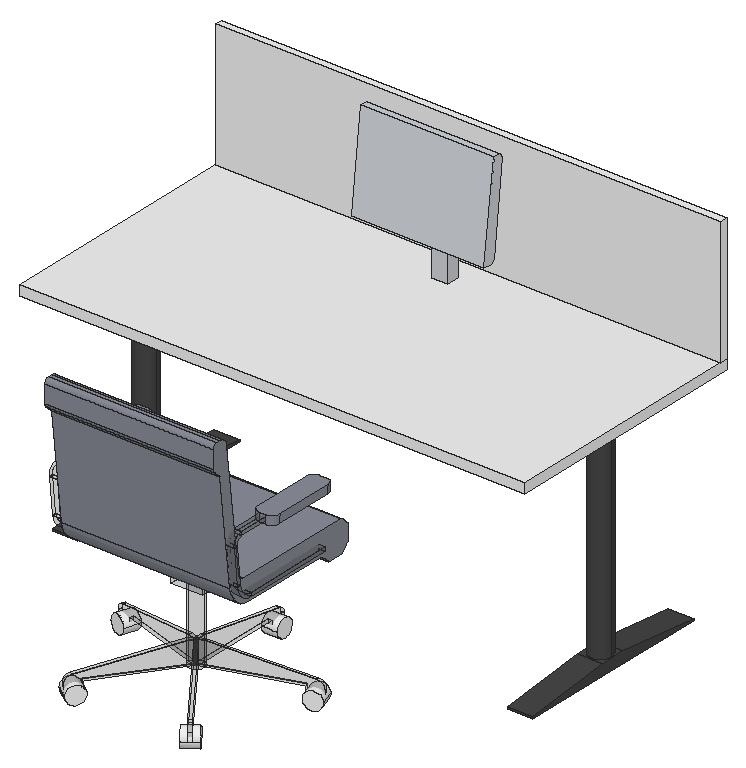
Revit family "Office Space 2", category Furniture, Revit 2015
Parameters (values of type "Office Space 2")
  Space = 1800 mm
  Screen [instance] = yes
  Material Table Base [instance] = Stainless Steel
  Material Seat/Back [instance] = Slate Blue
  Material Plate [instance] = White
  Material Caster [instance] = Chrome Polished
  Material Chair Base [instance] = Plastic Black
  Divider [instance] = yes
  Desk [instance] = Office Desk : 180x80cm
  Chair [instance] = Chair Task Arms : Chair Task Arms
Types (2, lengths in mm): name | Space | Desk
  Office Space | 1600 | Office Desk : 160x80cm
  Office Space 2 | 1800 | Office Desk : 180x80cm
Reference planes
  plane 1 "Center (Front/Back)": y = 0
  plane 2: z = 0
  plane 3 "Center (Left/Right)": x = 0
Lines and regions (mm)
  symbolic lines, style "FurnitureHiddenLines", detail levels coarse
    curve 1: line (-800, -2200, 0) -> (800, -2200, 0)
Dimensions and locks
  "Space": nested 1 to curve 1
  locked: nested 1 to nested 2 at 300
  aligned and locked: level to plane 2
Automatic sketch dimensions
  curve 1 to plane 3 "Center (Left/Right)" = 800 mm
  plane 3 "Center (Left/Right)" to curve 1 = 800 mm
Nested families
  nested 1: "Office Desk" at (190, 0, 0), Screen <- "Screen", Divider <- "Divider", Material Plate <- "Material Plate", Material Base <- "Material Table Base", type "160x80cm"
    with Screen yes, Material Plate White, Material Base Stainless Steel, Divider yes, Depth 800 mm, Width 1600 mm
  nested 2: "Chair Task Arms" at (-140.991, -681.054, 0), Material Base <- "Material Chair Base", Material Seat/Back <- "Material Seat/Back", Material Caster <- "Material Caster", type <- "Chair", type "Chair Task Arms"
    with Material Seat/Back Slate Blue, Material Caster Chrome Polished, Material Base Plastic Black
Definition of nested family "Office Desk"
  Parameters
    Screen [instance] = yes
    Material Plate [instance] = none
    Material Base [instance] = none
    Height = 720 mm
    Divider [instance] = no
    Depth = 900 mm
    Width = 1800 mm
    Assembly Code = ""
  Reference planes
    plane 1 "Center (Front/Back)": y = 0
    plane 2: z = 0
    plane 3 "Center (Left/Right)": x = -190
    plane 4 "Tableheight": z = 720
    plane 5 "Left": x = -1090
    plane 6: x = 710
    plane 7: y = 450
    plane 8: y = -450
    plane 9: x = -1010
    plane 10: x = 630
  Forms (mm)
    Extrusion 1, solid, material <- "Material Plate"
      sketch origin (48.853, -30.184, 720) x (-1, 0, 0) y (0, -1, 0)
        loop
          line (1138.853, 419.816) -> (-661.147, 419.816) -> (-661.147, -480.184) -> (1138.853, -480.184) -> (1138.853, 419.816)
      from 0 to -30
    Extrusion 2, solid, material <- "Material Base"
      sketch origin (-1000, 1.534, 0) x (0, 1, 0) y (0, 0, 1)
        loop
          line (40, 35) -> (-40, 35) -> (-321.534, 5.732) -> (-321.534, 0) -> (0, 0) -> (318.466, 0) -> (318.466, 5.732) -> (40, 35)
      from -50 to 30
    Extrusion 3, solid, material <- "Material Base"
      sketch origin (-300, 0, 0) x (1, 0, 0) y (0, 1, 0)
        loop
          circle (-710, 0) r 35
      from 35 to 690
    Extrusion 4, solid, material <- "Material Base"
      sketch origin (520, 0, 0) x (0, -1, 0) y (0, 0, 1)
        loop
          line (-40, 35) -> (-318.466, 5.732) -> (-318.466, 0) -> (0, 0) -> (318.466, 0) -> (318.466, 5.732) -> (40, 35) -> (-40, 35)
      from -150 to -70
    Extrusion 5, solid, material <- "Material Base"
      sketch origin (-180, 0, 0) x (-1, 0, 0) y (0, -1, 0)
        loop
          circle (-810, 0) r 35
      from 35 to 690
    Extrusion 6, solid, material <- "Material Plate", visible <- "Divider"
      sketch origin (48.853, -30.184, 720) x (-1, 0, 0) y (0, -1, 0)
        loop
          line (1138.853, -480.184) -> (1138.853, -455.184) -> (-661.147, -455.184) -> (-661.147, -480.184) -> (1138.853, -480.184)
      from 0 to 400
  Dimensions and locks
    "Width": plane 5 "Left" to plane 6
    equal spacing: plane 5 "Left", plane 3 "Center (Left/Right)", plane 6
    "Depth": plane 7 to plane 8
    equal spacing: Extrusion 2, plane 9, Extrusion 2, locked at 40 each
    locked: plane 5 "Left" to plane 9 at 80
    equal spacing: Extrusion 4, plane 10, Extrusion 4, locked at 40 each
    locked: plane 10 to plane 6 at 80
    equal spacing: Extrusion 2, plane 1 "Center (Front/Back)", Extrusion 2
    equal spacing: plane 7, plane 1 "Center (Front/Back)", plane 8
    locked: plane 7 to nested 1 at 180
    "Height": plane 4 "Tableheight" to level
    aligned: plane 5 "Left" to Extrusion 1
    aligned and locked: plane 6 to Extrusion 1
    aligned: Extrusion 1 to plane 5 "Left"
    aligned and locked: Extrusion 1 to plane 6
    aligned and locked: plane 7 to Extrusion 1
    aligned and locked: Extrusion 1 to plane 8
    aligned and locked: Extrusion 1 to plane 5 "Left"
    aligned and locked: plane 3 "Center (Left/Right)" to nested 1
    aligned and locked: Extrusion 5 to Extrusion 1
    aligned and locked: Extrusion 3 to Extrusion 1
    aligned and locked: Extrusion 1 to nested 1
    aligned and locked: Extrusion 6 sketch curve to plane 6
  Automatic sketch dimensions
    Extrusion 2 sketch curve to Extrusion 2 sketch curve = 281.534 mm
    Extrusion 2 sketch curve to Extrusion 2 sketch curve = 40 mm  (x2)
    Extrusion 2 sketch curve to Extrusion 2 sketch curve = 278.466 mm
    Extrusion 2 sketch curve to Extrusion 2 sketch curve = 5.732 mm  (x2)
    Extrusion 2 sketch curve to Extrusion 2 sketch curve = 35 mm
    Extrusion 4 sketch curve to Extrusion 4 sketch curve = 278.466 mm  (x2)
    Extrusion 4 sketch curve to Extrusion 4 sketch curve = 40 mm  (x2)
    Extrusion 4 sketch curve to Extrusion 4 sketch curve = 5.732 mm  (x2)
    Extrusion 4 sketch curve to Extrusion 4 sketch curve = 35 mm
    Extrusion 1 sketch curve to plane 6 = 0 mm
    plane 5 "Left" to Extrusion 1 sketch curve = 0 mm
    plane 7 to Extrusion 1 sketch curve = 0 mm
    Extrusion 1 sketch curve to plane 8 = 0 mm
    Extrusion 2 sketch curve to level = 0 mm
    Extrusion 2 sketch curve to plane 1 "Center (Front/Back)" = 1.534 mm
    plane 1 "Center (Front/Back)" to Extrusion 3 sketch curve = 0 mm
    Extrusion 3 sketch curve to plane 9 = 0 mm
    Extrusion 4 sketch curve to level = 0 mm
    Extrusion 4 sketch curve to plane 1 "Center (Front/Back)" = 0 mm
    plane 1 "Center (Front/Back)" to Extrusion 5 sketch curve = 0 mm
    Extrusion 5 sketch curve to plane 10 = 0 mm
    Extrusion 6 sketch curve to plane 5 "Left" = 0 mm
    Extrusion 6 sketch curve to plane 7 = 0 mm
    Extrusion 6 sketch curve to Extrusion 6 sketch curve = 25 mm
    radius of Extrusion 3 sketch curve = 35 mm
    radius of Extrusion 5 sketch curve = 35 mm
  Nested families
    nested 1: "Computerscreen" at (-190, 270, 0), visible <- "Screen", type "Computerscreen"
      with table height 720 mm
  Definition of nested family "Computerscreen"
    Parameters
      table height [instance] = 720 mm
      material = none
    Reference planes
      plane 1 "Center (Front/Back)": y = 0
      plane 2: z = 0
      plane 3 "Center (Left/Right)": x = 0
      plane 4 "Table height": z = 720
    Forms (mm)
      Extrusion 1, solid
        sketch origin (-25, 0, 0) x (0, 1, 0) y (0, 0, 1)
          loop
            line (0, 1027.5) -> (0, 975.179) -> (12.755, 975.179)
            arc (12.755, 975.179) -> (17.084, 974.704) -> (21.208, 973.305) r 20
            line (21.208, 973.305) -> (32.831, 967.885)
            arc (32.831, 967.885) -> (41.246, 960.505) -> (44.378, 949.759) r 20
            line (44.378, 949.759) -> (44.378, 720) -> (84.378, 720) -> (84.378, 989.401)
            arc (84.378, 989.401) -> (81.246, 1000.147) -> (72.831, 1007.528) r 20
            line (72.831, 1007.528) -> (34.018, 1025.626)
            arc (34.018, 1025.626) -> (29.895, 1027.026) -> (25.566, 1027.5) r 20
            line (25.566, 1027.5) -> (0, 1027.5)
        from 0 to 50
      Extrusion 2, solid
        sketch origin (-210, -128.635, -30.513) x (0, 0.992546, -0.121869) y (0, 0.121869, 0.992546)
          loop
            line (-25, 1205.68) -> (-25, 904.467) -> (0, 904.467) -> (10.607, 915.074) -> (10.607, 1195.074) -> (0, 1205.68) -> (-25, 1205.68)
        from 0 to 420
    Dimensions and locks
      "table height": plane 4 "Table height" to level
      aligned: plane 4 "Table height" to Extrusion 1 sketch curve
    Automatic sketch dimensions
      plane 1 "Center (Front/Back)" to Extrusion 2 sketch curve = 43.222 mm
      plane 4 "Table height" to Extrusion 2 sketch curve = 150.259 mm
      Extrusion 2 sketch curve to Extrusion 2 sketch curve = 25 mm  (x2)
      Extrusion 2 sketch curve to Extrusion 2 sketch curve = 10.607 mm  (x3)
      Extrusion 2 sketch curve to Extrusion 2 sketch curve = 280 mm
      Extrusion 1 sketch curve to plane 1 "Center (Front/Back)" = 0 mm
      Extrusion 1 sketch curve to plane 4 "Table height" = 0 mm
      Extrusion 1 sketch curve to Extrusion 1 sketch curve = 12.755 mm
      Extrusion 1 sketch curve to Extrusion 1 sketch curve = 8.452 mm  (x3)
      Extrusion 1 sketch curve to Extrusion 1 sketch curve = 11.623 mm  (x2)
      Extrusion 1 sketch curve to Extrusion 1 sketch curve = 25.566 mm
      Extrusion 1 sketch curve to plane 1 "Center (Front/Back)" = 44.378 mm
      Extrusion 1 sketch curve to Extrusion 1 sketch curve = 31.548 mm
      Extrusion 1 sketch curve to Extrusion 1 sketch curve = 40 mm
      plane 4 "Table height" to Extrusion 1 sketch curve = 229.759 mm
      Extrusion 1 sketch curve to Extrusion 1 sketch curve = 5.42 mm  (x2)
      Extrusion 1 sketch curve to Extrusion 1 sketch curve = 21.517 mm
      Extrusion 1 sketch curve to Extrusion 1 sketch curve = 34.195 mm
      Extrusion 1 sketch curve to Extrusion 1 sketch curve = 18.126 mm
Definition of nested family "Chair Task Arms"
  Parameters
    Assembly Code = ""
    Material Base [instance] = none
    Material Caster [instance] = none
    Material Seat/Back [instance] = none
  Reference planes
    plane 1 "Center (Front/Back)": y = 18.946
    plane 2: z = 0
    plane 3 "Center (Left/Right)": x = 140.991
    plane 4: x = 458.491
    plane 5: x = -176.509
    plane 6: y = -323.954
    plane 7: y = 361.846
    plane 8: z = 889
    plane 9 "Seat": z = 457.2
    plane 10: y = 285.646
    plane 11: z = 863.6
    plane 12: y = -247.754
    plane 13: y = -222.354
    plane 14: z = 431.8
    plane 15: y = 260.246
    plane 16: z = 787.4
    plane 17: z = 355.6
    plane 18: x = 191.791
    plane 19: x = 90.191
    plane 20: x = 420.391
    plane 21: x = -138.409
    plane 22: z = 609.6
    plane 23: z = 609.6
  Forms (mm)
    Extrusion 1, solid, material <- "Material Seat/Back"
      sketch origin (458.491, 37.892, 0) x (0, 1, 0) y (0, 0, 1)
        loop
          arc (-255.01, 457.2) -> (-259.851, 456.241) -> (-263.96, 453.51) r 12.7
          line (-263.96, 453.51) -> (-281.896, 435.694)
          arc (-281.896, 435.694) -> (-284.671, 431.563) -> (-285.646, 426.684) r 12.7
          line (-285.646, 426.684) -> (-285.646, 391.641)
          arc (-285.646, 391.641) -> (-283.729, 381.96) -> (-278.266, 373.74) r 25.4
          line (-278.266, 373.74) -> (-260.247, 355.6) -> (-209.447, 355.6) -> (-181.074, 383.784) -> (107.109, 383.784)
          arc (107.109, 383.784) -> (157.745, 403.041) -> (182.787, 451.08) r 76.2
          line (182.787, 451.08) -> (222.354, 787.4) -> (244.034, 809.08)
          arc (244.034, 809.08) -> (246.787, 813.2) -> (247.754, 818.061) r 12.7
          line (247.754, 818.061) -> (247.754, 876.3)
          arc (247.754, 876.3) -> (244.034, 885.28) -> (235.054, 889) r 12.7
          line (235.054, 889) -> (222.179, 889)
          arc (222.179, 889) -> (205.3, 882.581) -> (196.953, 866.568) r 25.4
          line (196.953, 866.568) -> (151.431, 479.632)
          arc (151.431, 479.632) -> (143.084, 463.619) -> (126.205, 457.2) r 25.4
          line (126.205, 457.2) -> (-255.01, 457.2)
      from -50.8 to -584.2
    Extrusion 2, solid, material <- "Material Base"
      sketch origin (90.191, 37.892, 0) x (0, 1, 0) y (0, 0, 1)
        loop
          line (19.154, 383.784) -> (-69.746, 383.784) -> (-69.746, 371.084) -> (-18.946, 283.095) -> (19.154, 283.095) -> (19.154, 383.784)
      from 0 to 101.6
    Extrusion 3, solid, material <- "Material Base"
      sketch origin (140.991, 37.892, 0) x (0, -1, 0) y (0, 0, 1)
        loop
          line (18.946, 53.584) -> (311.046, 53.584) -> (311.046, 28.184) -> (361.846, 28.184) -> (361.846, 52.487)
          arc (361.846, 52.487) -> (355.903, 68.813) -> (340.857, 77.501) r 25.4
          line (340.857, 77.501) -> (44.346, 129.784) -> (18.946, 129.784) -> (18.946, 53.584)
      from 6.35 to -6.35
    Extrusion 4, solid, material <- "Material Caster"
      sketch origin (140.991, 37.892, 0) x (0, -1, 0) y (0, 0, 1)
        loop
          circle (336.446, 28.184) r 28.2
      from 25.4 to -25.4
    Extrusion 5, solid, material <- "Material Base"
      sketch origin (122.972, 24.801, 0) x (0.951057, -0.309017, 0) y (0, 0, 1)
        loop
          line (18.946, 53.584) -> (311.046, 53.584) -> (311.046, 28.184) -> (361.846, 28.184) -> (361.846, 52.487)
          arc (361.846, 52.487) -> (355.903, 68.813) -> (340.857, 77.501) r 25.4
          line (340.857, 77.501) -> (44.346, 129.784) -> (18.946, 129.784) -> (18.946, 53.584)
      from 6.35 to -6.35
    Extrusion 6, solid, material <- "Material Caster"
      sketch origin (122.972, 24.801, 0) x (0.951057, -0.309017, 0) y (0, 0, 1)
        loop
          circle (336.446, 28.184) r 28.2
      from 25.4 to -25.4
    Extrusion 7, solid, material <- "Material Base"
      sketch origin (129.855, 3.618, 0) x (0.587785, 0.809017, 0) y (0, 0, 1)
        loop
          line (18.946, 53.584) -> (311.046, 53.584) -> (311.046, 28.184) -> (361.846, 28.184) -> (361.846, 52.487)
          arc (361.846, 52.487) -> (355.903, 68.813) -> (340.857, 77.501) r 25.4
          line (340.857, 77.501) -> (44.346, 129.784) -> (18.946, 129.784) -> (18.946, 53.584)
      from 6.35 to -6.35
    Extrusion 8, solid, material <- "Material Caster"
      sketch origin (129.855, 3.618, 0) x (0.587785, 0.809017, 0) y (0, 0, 1)
        loop
          circle (336.446, 28.184) r 28.2
      from 25.4 to -25.4
    Extrusion 9, solid, material <- "Material Base"
      sketch origin (152.127, 3.618, 0) x (-0.587785, 0.809017, 0) y (0, 0, 1)
        loop
          line (18.946, 53.584) -> (311.046, 53.584) -> (311.046, 28.184) -> (361.846, 28.184) -> (361.846, 52.487)
          arc (361.846, 52.487) -> (355.903, 68.813) -> (340.857, 77.501) r 25.4
          line (340.857, 77.501) -> (44.346, 129.784) -> (18.946, 129.784) -> (18.946, 53.584)
      from 6.35 to -6.35
    Extrusion 10, solid, material <- "Material Caster"
      sketch origin (152.127, 3.618, 0) x (-0.587785, 0.809017, 0) y (0, 0, 1)
        loop
          circle (336.446, 28.184) r 28.2
      from 25.4 to -25.4
    Extrusion 11, solid, material <- "Material Base"
      sketch origin (159.009, 24.801, 0) x (-0.951057, -0.309017, 0) y (0, 0, 1)
        loop
          line (18.946, 53.584) -> (311.046, 53.584) -> (311.046, 28.184) -> (361.846, 28.184) -> (361.846, 52.487)
          arc (361.846, 52.487) -> (355.903, 68.813) -> (340.857, 77.501) r 25.4
          line (340.857, 77.501) -> (44.346, 129.784) -> (18.946, 129.784) -> (18.946, 53.584)
      from 6.35 to -6.35
    Extrusion 12, solid, material <- "Material Caster"
      sketch origin (159.009, 24.801, 0) x (-0.951057, -0.309017, 0) y (0, 0, 1)
        loop
          circle (336.446, 28.184) r 28.2
      from 25.4 to -25.4
    Extrusion 13, solid, material <- "Material Base"
      sketch origin (281.982, 37.892, 0) x (-1, 0, 0) y (0, -1, 0)
        loop
          circle (140.991, 18.946) r 25.4
      from 53.584 to 384.175
    Sweep 14, solid, material <- "Material Base"
      path origin (-138.409, 37.892, 0) x (0, 1, 0) y (0, 0, 1)
        loop
          line (-167.032, 419.1) -> (128.329, 419.1)
          arc (128.329, 419.1) -> (162.087, 431.938) -> (178.781, 463.964) r 50.8
          line (178.781, 463.964) -> (192.578, 581.232)
          arc (192.578, 581.232) -> (186.332, 601.079) -> (167.352, 609.6) r 25.4
          line (167.352, 609.6) -> (-18.946, 609.6)
      profile origin (420.391, 18.54, 0) x (0, 0, 1) y (1, 0, 0)
        loop
          line (425.45, -546.1) -> (412.75, -546.1) -> (412.75, -571.5) -> (425.45, -571.5) -> (425.45, -546.1)
    Sweep 15, solid, material <- "Material Base"
      path origin (420.391, 37.892, 0) x (0, 1, 0) y (0, 0, 1)
        loop
          line (-167.032, 419.1) -> (126.239, 419.1)
          arc (126.239, 419.1) -> (159.996, 431.938) -> (176.691, 463.964) r 50.8
          line (176.691, 463.964) -> (190.487, 581.232)
          arc (190.487, 581.232) -> (184.242, 601.079) -> (165.261, 609.6) r 25.4
          line (165.261, 609.6) -> (-18.946, 609.6)
      profile origin (-138.409, 17.495, 0) x (0, 0, 1) y (1, 0, 0)
        loop
          line (412.75, 546.1) -> (425.45, 546.1) -> (425.45, 571.5) -> (412.75, 571.5) -> (412.75, 546.1)
    Extrusion 16, solid, material <- "Material Seat/Back"
      sketch origin (-125.709, -129.14, 425.45) x (0, 1, 0) y (-1, 0, 0)
        loop
          line (241.235, 6.35) -> (241.235, 25.4)
          arc (241.235, 25.4) -> (233.795, 43.361) -> (215.835, 50.8) r 25.4
          line (215.835, 50.8) -> (25.4, 50.8)
          arc (25.4, 50.8) -> (7.439, 43.361) -> (0, 25.4) r 25.4
          line (0, 25.4) -> (0, 6.35)
          arc (0, 6.35) -> (7.439, -11.611) -> (25.4, -19.05) r 25.4
          line (25.4, -19.05) -> (215.835, -19.05)
          arc (215.835, -19.05) -> (233.795, -11.611) -> (241.235, 6.35) r 25.4
        loop
          line (240.19, -558.8) -> (240.19, -539.75)
          arc (240.19, -539.75) -> (232.75, -521.789) -> (214.79, -514.35) r 25.4
          line (214.79, -514.35) -> (25.4, -514.35)
          arc (25.4, -514.35) -> (7.439, -521.789) -> (0, -539.75) r 25.4
          line (0, -539.75) -> (0, -558.8)
          arc (0, -558.8) -> (7.439, -576.761) -> (25.4, -584.2) r 25.4
          line (25.4, -584.2) -> (214.79, -584.2)
          arc (214.79, -584.2) -> (232.75, -576.761) -> (240.19, -558.8) r 25.4
      from 171.45 to 196.85
  Lines and regions (mm)
    Masking region 1
      outline origin (281.982, 37.892, 457.2) x (0, 1, 0) y (-1, 0, 0)
        loop
          arc (126.205, -74.909) -> (141.084, -110.83) -> (177.005, -125.709) r 50.8
          line (177.005, -125.709) -> (222.354, -125.709)
          arc (222.354, -125.709) -> (240.315, -118.27) -> (247.754, -100.309) r 25.4
          line (247.754, -100.309) -> (247.754, 382.291)
          arc (247.754, 382.291) -> (240.315, 400.251) -> (222.354, 407.691) r 25.4
          line (222.354, 407.691) -> (177.005, 407.691)
          arc (177.005, 407.691) -> (141.084, 392.812) -> (126.205, 356.891) r 50.8
          line (126.205, 356.891) -> (126.205, -74.909)
    Masking region 2
      outline origin (281.982, 37.892, 457.2) x (0, 1, 0) y (-1, 0, 0)
        loop
          line (-281.896, -132.059) -> (-168.214, -132.059)
          arc (-168.214, -132.059) -> (-158.755, -109.222) -> (-135.918, -99.763) r 32.296
          line (-135.918, -99.763) -> (43.787, -99.763)
          arc (43.787, -99.763) -> (66.624, -109.222) -> (76.084, -132.059) r 32.296
          line (76.084, -132.059) -> (218.634, -132.059)
          arc (218.634, -132.059) -> (232.832, -127.721) -> (242.18, -116.187) r 25.4
          arc (242.18, -116.187) -> (233.351, -123.205) -> (222.354, -125.709) r 25.4
          line (222.354, -125.709) -> (177.005, -125.709)
          arc (177.005, -125.709) -> (141.084, -110.83) -> (126.205, -74.909) r 50.8
          line (126.205, -74.909) -> (126.205, 356.891)
          arc (126.205, 356.891) -> (141.084, 392.812) -> (177.005, 407.691) r 50.8
          line (177.005, 407.691) -> (222.354, 407.691)
          arc (222.354, 407.691) -> (233.351, 405.187) -> (242.18, 398.169) r 25.4
          arc (242.18, 398.169) -> (232.832, 409.702) -> (218.634, 414.041) r 25.4
          line (218.634, 414.041) -> (77.12, 414.041)
          arc (77.12, 414.041) -> (67.664, 391.213) -> (44.836, 381.757) r 32.284
          line (44.836, 381.757) -> (-135.924, 381.757)
          arc (-135.924, 381.757) -> (-158.752, 391.213) -> (-168.208, 414.041) r 32.284
          line (-168.208, 414.041) -> (-281.896, 414.041) -> (-281.896, -132.059)
    Masking region 3
      outline origin (281.982, 37.892, 457.2) x (0, 1, 0) y (-1, 0, 0)
        loop
          arc (-168.214, -151.084) -> (-160.549, -169.591) -> (-142.042, -177.256) r 26.172
          line (-142.042, -177.256) -> (49.214, -177.256)
          arc (49.214, -177.256) -> (68.214, -169.386) -> (76.084, -150.387) r 26.869
          line (76.084, -150.387) -> (76.084, -132.059)
          arc (76.084, -132.059) -> (66.624, -109.222) -> (43.787, -99.763) r 32.296
          line (43.787, -99.763) -> (-135.918, -99.763)
          arc (-135.918, -99.763) -> (-158.755, -109.222) -> (-168.214, -132.059) r 32.296
          line (-168.214, -132.059) -> (-168.214, -151.084)
        loop
          line (-168.208, 433.067) -> (-168.208, 414.041)
          arc (-168.208, 414.041) -> (-158.752, 391.213) -> (-135.924, 381.757) r 32.284
          line (-135.924, 381.757) -> (44.836, 381.757)
          arc (44.836, 381.757) -> (67.664, 391.213) -> (77.12, 414.041) r 32.284
          line (77.12, 414.041) -> (77.12, 432.371)
          arc (77.12, 432.371) -> (69.251, 451.367) -> (50.255, 459.235) r 26.864
          line (50.255, 459.235) -> (-142.04, 459.235)
          arc (-142.04, 459.235) -> (-160.544, 451.571) -> (-168.208, 433.067) r 26.168
    symbolic lines, not visible
      curve 1: line (382.291, 285.646, 0) -> (-100.309, 285.646, 0)
      curve 2: line (407.691, 260.246, 0) -> (407.691, 214.897, 0)
      curve 3: line (356.891, 164.097, 0) -> (-74.909, 164.097, 0)
      curve 4: line (-125.709, 260.246, 0) -> (-125.709, 214.897, 0)
      curve 5: arc (356.891, 164.097, 0) -> (392.812, 178.976, 0) -> (407.691, 214.897, 0) r 50.8
      curve 6: arc (-74.909, 164.097, 0) -> (-110.83, 178.976, 0) -> (-125.709, 214.897, 0) r 50.8
      curve 7: arc (407.691, 260.246, 0) -> (400.251, 278.206, 0) -> (382.291, 285.646, 0) r 25.4
      curve 8: arc (-125.709, 260.246, 0) -> (-118.27, 278.206, 0) -> (-100.309, 285.646, 0) r 25.4
      curve 9: line (414.041, -244.004, 0) -> (-132.059, -244.004, 0)
      curve 10: line (414.041, 113.975, 0) -> (414.041, 256.526, 0)
      curve 11: line (388.641, 281.926, 0) -> (-106.659, 281.926, 0)
      curve 12: line (-132.059, 115.012, 0) -> (-132.059, 256.526, 0)
      curve 13: arc (414.041, 256.526, 0) -> (406.601, 274.487, 0) -> (388.641, 281.926, 0) r 25.4
      curve 14: arc (-132.059, 256.526, 0) -> (-124.62, 274.487, 0) -> (-106.659, 281.926, 0) r 25.4
      curve 15: line (381.744, 81.679, 0) -> (381.744, -98.026, 0)
      curve 16: line (459.238, -104.151, 0) -> (459.238, 87.106, 0)
      curve 17: line (414.041, -130.322, 0) -> (433.066, -130.322, 0)
      curve 18: arc (433.066, -130.322, 0) -> (451.572, -122.657, 0) -> (459.238, -104.151, 0) r 26.172
      curve 19: arc (381.744, -98.026, 0) -> (391.204, -120.863, 0) -> (414.041, -130.322, 0) r 32.296
      curve 20: arc (459.238, 87.106, 0) -> (451.368, 106.106, 0) -> (432.369, 113.975, 0) r 26.869
      curve 21: arc (414.041, 113.975, 0) -> (391.204, 104.516, 0) -> (381.744, 81.679, 0) r 32.296
      curve 22: line (432.369, 113.975, 0) -> (414.041, 113.975, 0)
      curve 23: line (-99.776, -98.033, 0) -> (-99.776, 82.728, 0)
      curve 24: arc (-132.059, -130.316, 0) -> (-109.231, -120.861, 0) -> (-99.776, -98.033, 0) r 32.284
      curve 25: line (-151.085, -130.316, 0) -> (-132.059, -130.316, 0)
      curve 26: arc (-151.085, -130.316, 0) -> (-169.589, -122.652, 0) -> (-177.253, -104.148, 0) r 26.168
      curve 27: line (-177.253, 88.147, 0) -> (-177.253, -104.148, 0)
      curve 28: arc (-150.389, 115.012, 0) -> (-169.385, 107.143, 0) -> (-177.253, 88.147, 0) r 26.864
      curve 29: line (-132.059, 115.012, 0) -> (-150.389, 115.012, 0)
      curve 30: arc (-132.059, 115.012, 0) -> (-109.231, 105.556, 0) -> (-99.776, 82.728, 0) r 32.284
      curve 31: line (414.041, -244.004, 0) -> (414.041, -130.322, 0)
      curve 32: line (-132.059, -244.004, 0) -> (-132.059, -130.316, 0)
  Dimensions and locks
    equal spacing: plane 5, plane 3 "Center (Left/Right)", plane 4
    plane 5 to plane 4 = 635 mm
    equal spacing: plane 6, plane 1 "Center (Front/Back)", plane 7
    plane 6 to plane 7 = 685.8 mm
    aligned and locked: Masking region 1 sketch curve to curve 6
    aligned and locked: Masking region 1 sketch curve to curve 8
    aligned and locked: Masking region 1 sketch curve to curve 7
    aligned and locked: Masking region 1 sketch curve to curve 5
    aligned and locked: Masking region 2 sketch curve to curve 31
    aligned and locked: Masking region 2 sketch curve to curve 10
    aligned and locked: Masking region 2 sketch curve to curve 13
    aligned and locked: Masking region 2 sketch curve to curve 14
    aligned and locked: Masking region 2 sketch curve to curve 32
    aligned and locked: Masking region 2 sketch curve to curve 9
    aligned and locked: Masking region 2 sketch curve to curve 7
    aligned and locked: Masking region 2 sketch curve to curve 5
    aligned and locked: Masking region 2 sketch curve to curve 6
    aligned and locked: Masking region 2 sketch curve to curve 8
    aligned and locked: Masking region 2 sketch curve to curve 21
    aligned and locked: Masking region 2 sketch curve to curve 19
    aligned and locked: Masking region 2 sketch curve to curve 24
    aligned and locked: Masking region 2 sketch curve to curve 30
    aligned and locked: Masking region 3 sketch curve to curve 18
    aligned and locked: Masking region 3 sketch curve to curve 20
    aligned and locked: Masking region 3 sketch curve to curve 21
    aligned and locked: Masking region 3 sketch curve to curve 19
    aligned and locked: Masking region 3 sketch curve to curve 26
    aligned and locked: Masking region 3 sketch curve to curve 28
    aligned and locked: Masking region 3 sketch curve to curve 30
    aligned and locked: Masking region 3 sketch curve to curve 24
  Automatic sketch dimensions
    plane 5 to curve 27 = 0.744 mm
    plane 21 to curve 25 = 12.676 mm
    plane 21 to curve 28 = 11.98 mm
    curve 25 to plane 21 = 6.35 mm
    curve 12 to plane 21 = 6.35 mm
    curve 4 to plane 21 = 12.7 mm
    curve 8 to curve 11 = 19.05 mm
    curve 14 to curve 8 = 6.35 mm
    curve 30 to curve 23 = 32.284 mm
    curve 4 to curve 6 = 50.8 mm
    plane 20 to curve 3 = 63.5 mm
    plane 20 to curve 15 = 38.646 mm
    plane 20 to curve 7 = 38.1 mm
    curve 1 to curve 11 = 6.35 mm
    plane 20 to curve 2 = 12.7 mm
    plane 20 to curve 19 = 6.35 mm
    plane 20 to curve 10 = 6.35 mm
    curve 22 to plane 20 = 11.978 mm
    curve 18 to plane 20 = 12.675 mm
    curve 16 to plane 4 = 0.747 mm
    curve 32 to plane 6 = 79.95 mm
    curve 9 to curve 31 = 113.682 mm
    curve 9 to curve 32 = 113.688 mm
    curve 15 to plane 1 "Center (Front/Back)" = 62.733 mm
    curve 30 to plane 1 "Center (Front/Back)" = 63.782 mm
    curve 21 to curve 3 = 50.121 mm
    curve 4 to curve 14 = 41.629 mm
    curve 14 to curve 8 = 3.72 mm
    Extrusion 1 sketch curve to plane 12 = 0 mm
    plane 17 to Extrusion 1 sketch curve = 0 mm
    Extrusion 1 sketch curve to plane 13 = 0 mm
    plane 9 "Seat" to Extrusion 1 sketch curve = 0 mm
    plane 8 to Extrusion 1 sketch curve = 0 mm
    Extrusion 1 sketch curve to plane 11 = 0 mm
    Extrusion 1 sketch curve to plane 15 = 0 mm
    Extrusion 1 sketch curve to plane 10 = 0 mm
    Extrusion 1 sketch curve to plane 16 = 0 mm
    Extrusion 1 sketch curve to plane 12 = 3.75 mm
    Extrusion 1 sketch curve to plane 12 = 7.38 mm
    plane 14 to Extrusion 1 sketch curve = 5.116 mm
    Extrusion 1 sketch curve to plane 12 = 12.7 mm
    plane 13 to Extrusion 1 sketch curve = 3.715 mm
    plane 13 to Extrusion 1 sketch curve = 0.001 mm
    Extrusion 1 sketch curve to plane 13 = 5.236 mm
    Extrusion 1 sketch curve to plane 13 = 50.799 mm
    Extrusion 1 sketch curve to plane 17 = 28.184 mm
    Extrusion 1 sketch curve to Extrusion 1 sketch curve = 28.373 mm
    Extrusion 1 sketch curve to plane 9 "Seat" = 2.784 mm
    plane 15 to Extrusion 1 sketch curve = 115.245 mm
    Extrusion 1 sketch curve to Extrusion 1 sketch curve = 19.096 mm
    Extrusion 1 sketch curve to plane 9 "Seat" = 22.432 mm
    Extrusion 1 sketch curve to Extrusion 1 sketch curve = 25.226 mm
    plane 9 "Seat" to Extrusion 1 sketch curve = 6.12 mm
    plane 11 to Extrusion 1 sketch curve = 2.968 mm
    plane 15 to Extrusion 1 sketch curve = 25.401 mm
    Extrusion 1 sketch curve to Extrusion 1 sketch curve = 12.7 mm
    plane 10 to Extrusion 1 sketch curve = 12.7 mm
    plane 10 to Extrusion 1 sketch curve = 3.72 mm
    Extrusion 1 sketch curve to plane 17 = 18.14 mm
    plane 9 "Seat" to Extrusion 1 sketch curve = 12.7 mm
    plane 16 to Extrusion 1 sketch curve = 21.68 mm
    Extrusion 2 sketch curve to plane 1 "Center (Front/Back)" = 0 mm
    plane 1 "Center (Front/Back)" to Extrusion 2 sketch curve = 50.8 mm
    Extrusion 2 sketch curve to plane 1 "Center (Front/Back)" = 38.1 mm
    plane 9 "Seat" to Extrusion 2 sketch curve = 174.105 mm
    plane 9 "Seat" to Extrusion 2 sketch curve = 86.116 mm
    Extrusion 2 sketch curve to Extrusion 2 sketch curve = 12.7 mm
    Extrusion 3 sketch curve to plane 1 "Center (Front/Back)" = 0 mm
    Extrusion 3 sketch curve to plane 6 = 0 mm
    Extrusion 3 sketch curve to Extrusion 3 sketch curve = 25.4 mm  (x2)
    Extrusion 3 sketch curve to Extrusion 3 sketch curve = 50.8 mm
    Extrusion 3 sketch curve to plane 6 = 20.989 mm
    level to Extrusion 3 sketch curve = 28.184 mm
    Extrusion 3 sketch curve to Extrusion 3 sketch curve = 24.303 mm
    level to Extrusion 3 sketch curve = 53.584 mm
    Extrusion 3 sketch curve to Extrusion 3 sketch curve = 76.2 mm
    Extrusion 4 sketch curve to Extrusion 4 sketch curve = 0 mm  (x2)
    Extrusion 4 sketch curve to plane 6 = 25.4 mm
    level to Extrusion 4 sketch curve = 28.184 mm
    Extrusion 4 sketch curve to Extrusion 4 sketch curve = 28.2 mm
    level to Extrusion 5 sketch curve = 53.584 mm
    Extrusion 5 sketch curve to Extrusion 5 sketch curve = 25.4 mm  (x3)
    level to Extrusion 5 sketch curve = 28.184 mm
    Extrusion 5 sketch curve to Extrusion 5 sketch curve = 266.7 mm
    level to Extrusion 5 sketch curve = 77.501 mm
    Extrusion 5 sketch curve to Extrusion 5 sketch curve = 4.411 mm
    Extrusion 5 sketch curve to Extrusion 5 sketch curve = 76.2 mm
    Extrusion 6 sketch curve to Extrusion 6 sketch curve = 0 mm  (x2)
    level to Extrusion 6 sketch curve = 28.184 mm
    Extrusion 6 sketch curve to Extrusion 6 sketch curve = 28.2 mm
    level to Extrusion 7 sketch curve = 53.584 mm
    Extrusion 7 sketch curve to Extrusion 7 sketch curve = 25.4 mm  (x3)
    level to Extrusion 7 sketch curve = 28.184 mm
    Extrusion 7 sketch curve to Extrusion 7 sketch curve = 266.7 mm
    level to Extrusion 7 sketch curve = 77.501 mm
    Extrusion 7 sketch curve to Extrusion 7 sketch curve = 4.411 mm
    Extrusion 7 sketch curve to Extrusion 7 sketch curve = 76.2 mm
    Extrusion 8 sketch curve to Extrusion 8 sketch curve = 0 mm  (x2)
    level to Extrusion 8 sketch curve = 28.184 mm
    Extrusion 8 sketch curve to Extrusion 8 sketch curve = 28.2 mm
    level to Extrusion 9 sketch curve = 53.584 mm
    Extrusion 9 sketch curve to Extrusion 9 sketch curve = 25.4 mm  (x3)
    level to Extrusion 9 sketch curve = 28.184 mm
    Extrusion 9 sketch curve to Extrusion 9 sketch curve = 266.7 mm
    level to Extrusion 9 sketch curve = 77.501 mm
    Extrusion 9 sketch curve to Extrusion 9 sketch curve = 4.411 mm
    Extrusion 9 sketch curve to Extrusion 9 sketch curve = 76.2 mm
    Extrusion 10 sketch curve to Extrusion 10 sketch curve = 0 mm  (x2)
    level to Extrusion 10 sketch curve = 28.184 mm
    Extrusion 10 sketch curve to Extrusion 10 sketch curve = 28.2 mm
    level to Extrusion 11 sketch curve = 53.584 mm
    Extrusion 11 sketch curve to Extrusion 11 sketch curve = 25.4 mm  (x3)
    level to Extrusion 11 sketch curve = 28.184 mm
    Extrusion 11 sketch curve to Extrusion 11 sketch curve = 266.7 mm
    level to Extrusion 11 sketch curve = 77.501 mm
    Extrusion 11 sketch curve to Extrusion 11 sketch curve = 4.411 mm
    Extrusion 11 sketch curve to Extrusion 11 sketch curve = 76.2 mm
    Extrusion 12 sketch curve to Extrusion 12 sketch curve = 0 mm  (x2)
    level to Extrusion 12 sketch curve = 28.184 mm
    Extrusion 12 sketch curve to Extrusion 12 sketch curve = 28.2 mm
    Extrusion 13 sketch curve to Extrusion 13 sketch curve = 0 mm  (x2)
    plane 1 "Center (Front/Back)" to Extrusion 13 sketch curve = 0 mm
    Extrusion 13 sketch curve to plane 3 "Center (Left/Right)" = 0 mm
    Extrusion 13 sketch curve to Extrusion 13 sketch curve = 25.4 mm
    Sweep 14 sketch curve to plane 1 "Center (Front/Back)" = 0 mm
    plane 22 to Sweep 14 sketch curve = 0 mm
    Sweep 14 sketch curve to plane 9 "Seat" = 12.7 mm
    Sweep 14 sketch curve to plane 1 "Center (Front/Back)" = 147.275 mm
    Sweep 14 sketch curve to Sweep 14 sketch curve = 39.022 mm
    Sweep 14 sketch curve to plane 9 "Seat" = 6.764 mm
    Sweep 14 sketch curve to Sweep 14 sketch curve = 50.452 mm
    plane 22 to Sweep 14 sketch curve = 28.368 mm
    Sweep 14 sketch curve to Sweep 14 sketch curve = 25.226 mm
    plane 1 "Center (Front/Back)" to Sweep 14 sketch curve = 148.086 mm
    Sweep 15 sketch curve to plane 1 "Center (Front/Back)" = 0 mm
    Sweep 15 sketch curve to plane 23 = 0 mm
    Sweep 15 sketch curve to plane 9 "Seat" = 12.7 mm
    Sweep 15 sketch curve to plane 1 "Center (Front/Back)" = 145.185 mm
    Sweep 15 sketch curve to Sweep 15 sketch curve = 39.022 mm
    Sweep 15 sketch curve to plane 9 "Seat" = 6.764 mm
    Sweep 15 sketch curve to Sweep 15 sketch curve = 50.452 mm
    Sweep 15 sketch curve to plane 23 = 28.368 mm
    Sweep 15 sketch curve to Sweep 15 sketch curve = 25.226 mm
    plane 1 "Center (Front/Back)" to Sweep 15 sketch curve = 148.086 mm
    Extrusion 16 sketch curve to Sweep 14 = 0 mm  (x3)
    Sweep 14 to Extrusion 16 sketch curve = 0 mm
    Extrusion 16 sketch curve to Sweep 14 = 6.35 mm  (x2)
    Sweep 14 to Extrusion 16 sketch curve = 25.4 mm  (x3)
    Extrusion 16 sketch curve to Extrusion 16 sketch curve = 0 mm  (x2)
    Extrusion 16 sketch curve to Sweep 14 = 80.572 mm
    Extrusion 16 sketch curve to Sweep 14 = 79.526 mm
    Extrusion 16 sketch curve to Extrusion 16 sketch curve = 25.4 mm
    Extrusion 16 sketch curve to Extrusion 16 sketch curve = 495.3 mm
    Extrusion 16 sketch curve to Extrusion 16 sketch curve = 19.05 mm
